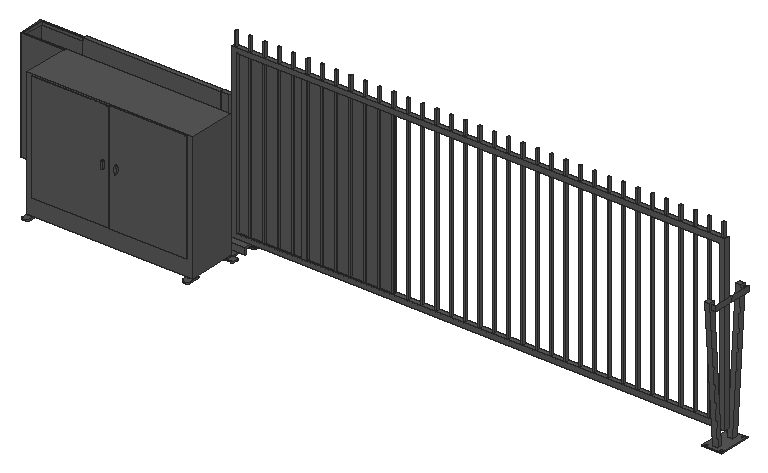
Revit family "1Construction_Fences-&-Traffic-Security_AutoGate_Buckeye-Pivot-Gates", category Specialty Equipment, Revit 2023 (continued)
Definition of nested family "Yoke"
  Dimensions and locks (in)
    Extrusion 11 sketch curve to Extrusion 11 sketch curve to plane 28 to Extrusion 11 sketch curve to Extrusion 11 sketch curve = 0.125" locked, 0.36537" locked, 0.36537" locked, 0.125" locked
    Extrusion 11 sketch curve to Extrusion 11 sketch curve to plane 28 to Extrusion 11 sketch curve to Extrusion 11 sketch curve = 0.125" locked, 0.36537" locked, 0.36537", 0.125"
    Extrusion 12 sketch curve to Extrusion 12 sketch curve to plane 28 to Extrusion 12 sketch curve to Extrusion 12 sketch curve = 0.125" locked, 0.36537" locked, 0.36537" locked, 0.125" locked  (x2)
    Extrusion 12 sketch curve to plane 28 to Extrusion 12 sketch curve = 0.13514" locked, 0.13406" locked
    "Void D": plane 3 "Center (Left/Right)" to plane 31
    Extrusion 13 sketch curve to Extrusion 13 sketch curve to plane 1 "Center (Front/Back)" to Extrusion 13 sketch curve to Extrusion 13 sketch curve = 0.000" locked, 0.49956" locked, 0.50044" locked, 0.000" locked
    plane 15 to Extrusion 13 sketch curve to Extrusion 13 sketch curve = 0.500" locked, 1.000" locked
    plane 9 to Extrusion 13 sketch curve to Extrusion 13 sketch curve = 0.500" locked, 1.000" locked
    Extrusion 14 sketch curve to Extrusion 14 sketch curve to plane 1 "Center (Front/Back)" to Extrusion 14 sketch curve to Extrusion 14 sketch curve = 1.99513" locked, 6.73765" locked, 6.73765" locked, 1.99513" locked
    Extrusion 14 sketch curve to Extrusion 14 sketch curve to plane 1 "Center (Front/Back)" to Extrusion 14 sketch curve to Extrusion 14 sketch curve = 1.99513" locked, 3.28603" locked, 3.28603" locked, 1.99513" locked
    Extrusion 14 sketch curve to Extrusion 14 sketch curve to Extrusion 14 sketch curve to Extrusion 14 sketch curve to Extrusion 14 sketch curve to Extrusion 14 sketch curve to plane 2 = 0.000" locked, 49.22094" locked, 0.000" locked, 0.13951" locked, 0.000" locked, 5.00003" locked
    locked: plane 7 to plane 32 at 6
    locked: plane 32 to plane 33 at 2
    plane 3 "Center (Left/Right)" to Extrusion 17 sketch curve to Extrusion 17 sketch curve to Extrusion 17 sketch curve to Extrusion 17 sketch curve to Extrusion 17 sketch curve to Extrusion 17 sketch curve = 2.000" locked, 0.375" locked, 0.000" locked, 1.250" locked, 0.000" locked, 0.375" locked
    Extrusion 17 sketch curve to Extrusion 17 sketch curve to Extrusion 17 sketch curve to plane 1 "Center (Front/Back)" to Extrusion 17 sketch curve to Extrusion 17 sketch curve to Extrusion 17 sketch curve = 0.375" locked, 0.000" locked, 1.62246" locked, 1.62246" locked, 0.000" locked, 0.375" locked
    Extrusion 18 sketch curve to plane 1 "Center (Front/Back)" to Extrusion 18 sketch curve = 6.500" locked, 6.500" locked
    Extrusion 19 sketch curve to Extrusion 19 sketch curve to plane 1 "Center (Front/Back)" to Extrusion 19 sketch curve to Extrusion 19 sketch curve = 2.250" locked, 2.000" locked, 2.000" locked, 2.250" locked
    Extrusion 19 sketch curve to Extrusion 19 sketch curve to Extrusion 19 sketch curve to Extrusion 19 sketch curve to plane 6 = 0.000" locked, 2.250" locked, 0.000" locked, 2.000" locked
    locked: plane 3 "Center (Left/Right)" to plane 34 at 2.875
    locked: plane 34 to plane 35 at 0.25
    locked: plane 36 to plane 37 at 0.25
    "Void DA5": plane 36 to plane 2
    plane 3 "Center (Left/Right)" to Extrusion 20 sketch curve to Extrusion 20 sketch curve to Extrusion 20 sketch curve to Extrusion 20 sketch curve = 0.000" locked, 3.000" locked, 0.000" locked, 3.000" locked
    Extrusion 20 sketch curve to plane 1 "Center (Front/Back)" to Extrusion 20 sketch curve = 5.500" locked, 5.500" locked
    "Bottom Plate Offset": plane 38 to plane 3 "Center (Left/Right)"
    locked: plane 38 to cut or joined group of Extrusion 18, Extrusion 20, Extrusion 21 at 8
    Extrusion 21 sketch curve to Extrusion 21 sketch curve to plane 1 "Center (Front/Back)" to Extrusion 21 sketch curve to Extrusion 21 sketch curve = 0.000" locked, 5.500" locked, 5.500" locked, 0.000" locked
    plane 38 to Extrusion 21 sketch curve to Extrusion 21 sketch curve to Extrusion 21 sketch curve to Extrusion 21 sketch curve = 1.000" locked, 0.000" locked, 6.000" locked, 0.000" locked
    locked: plane 39 to plane 40 at 0.25
    "Void E_F_G": plane 39 to plane 2
    locked: plane 16 to plane 1 "Center (Front/Back)" at 5.25
    "Top Br Offset B_F": plane 1 "Center (Front/Back)" to plane 17
    plane 1 "Center (Front/Back)" to Extrusion 22 sketch curve to Extrusion 22 sketch curve = 4.00044" locked, 2.000" locked
    plane 1 "Center (Front/Back)" to Extrusion 23 sketch curve to Extrusion 23 sketch curve = 4.00044" locked, 2.000" locked
    "Void Bottom G": plane 3 "Center (Left/Right)" to plane 42
    locked: plane 42 to plane 43 at 2
    Extrusion 27 sketch curve to plane 1 "Center (Front/Back)" to Extrusion 27 sketch curve = 5.250" locked, 5.250" locked
    Extrusion 28 sketch curve to plane 1 "Center (Front/Back)" to Extrusion 28 sketch curve = 1.000" locked, 1.000" locked
    Extrusion 29 sketch curve to plane 1 "Center (Front/Back)" to Extrusion 29 sketch curve = 3.99956" locked, 4.00044" locked
    Extrusion 29 sketch curve to Extrusion 29 sketch curve to plane 44 = 0.750" locked, 6.51988" locked
    locked: Extrusion 29 to plane 43 at 0.75
    locked: plane 41 to plane 2 at 0.5
    locked: plane 2 to plane 44 at 36
    Extrusion 32 sketch curve to Extrusion 32 sketch curve to plane 1 "Center (Front/Back)" to Extrusion 32 sketch curve to Extrusion 32 sketch curve = 0.200" locked, 3.050" locked, 3.050" locked, 0.200" locked
    plane 3 "Center (Left/Right)" to Extrusion 32 sketch curve to Extrusion 32 sketch curve = 1.600" locked, 0.000" locked
    locked: plane 3 "Center (Left/Right)" to Extrusion 32 sketch curve at 0.2
    locked: plane 45 to plane 2 at 5
    equal spacing: plane 47, plane 46, plane 45
    "Fence Height": plane 47 to plane 2
    plane 46 to plane 48 to plane 49 = 8.80494" locked, 2.400" locked
    plane 51 to plane 50 to plane 46 = 2.400" locked, 8.80494" locked
    plane 38 to Extrusion 33 sketch curve to Extrusion 33 sketch curve to Extrusion 33 sketch curve = 0.200" locked, 1.400" locked, 0.000" locked
    Extrusion 33 sketch curve to Extrusion 33 sketch curve to plane 1 "Center (Front/Back)" to Extrusion 33 sketch curve to Extrusion 33 sketch curve = 0.200" locked, 3.050" locked, 3.050" locked, 0.200" locked
    plane 52 to plane 46 to plane 53 = 18.000" locked, 18.000" locked
    Sweep 34 sketch curve to plane 46 to Sweep 34 sketch curve = 12.000" locked, 12.000" locked
    plane 1 "Center (Front/Back)" to Sweep 34 sketch curve to Sweep 34 sketch curve to Sweep 34 sketch curve = 3.050" locked, 1.47916" locked, 0.000" locked
    plane 1 "Center (Front/Back)" to Sweep 34 sketch curve to Sweep 34 sketch curve to Sweep 34 sketch curve to Sweep 34 sketch curve = 3.050" locked, 0.100" locked, 0.775" locked, 0.000" locked
    Sweep 35 sketch curve to plane 46 to Sweep 35 sketch curve = 12.000" locked, 12.000" locked
    Sweep 35 sketch curve to Sweep 35 sketch curve to Sweep 35 sketch curve to plane 1 "Center (Front/Back)" = 0.000" locked, 1.47916" locked, 3.050" locked
    Sweep 35 sketch curve to Sweep 35 sketch curve to Sweep 35 sketch curve to Sweep 35 sketch curve to plane 1 "Center (Front/Back)" = 0.000" locked, 0.775" locked, 0.100" locked, 3.050" locked
    plane 3 "Center (Left/Right)" to Sweep 34 sketch curve to Sweep 34 sketch curve to Sweep 34 sketch curve to Sweep 34 sketch curve = 1.600" locked, 0.100" locked, 1.400" locked, 0.100" locked
    plane 3 "Center (Left/Right)" to Sweep 35 sketch curve to Sweep 35 sketch curve to Sweep 35 sketch curve to Sweep 35 sketch curve = 1.600" locked, 0.100" locked, 1.400" locked, 0.100" locked
    Extrusion 36 sketch curve to Extrusion 36 sketch curve to plane 1 "Center (Front/Back)" to Extrusion 36 sketch curve to Extrusion 36 sketch curve = 0.200" locked, 3.050" locked, 3.050" locked, 0.200" locked
    plane 3 "Center (Left/Right)" to Extrusion 36 sketch curve to Extrusion 36 sketch curve to Extrusion 36 sketch curve to Extrusion 36 sketch curve = 0.000" locked, 0.200" locked, 1.400" locked, 0.000" locked
    locked: plane 54 to plane 45 at 7.875
    locked: plane 47 to plane 55 at 7.875
    locked: Extrusion 36 to plane 54 at 1.6
    locked: plane 54 to Extrusion 36 at 1.6
    plane 3 "Center (Left/Right)" to Sweep 37 sketch curve to Sweep 37 sketch curve to Sweep 37 sketch curve to Sweep 37 sketch curve = 1.600" locked, 0.100" locked, 1.400" locked, 0.100" locked
    plane 1 "Center (Front/Back)" to Sweep 37 sketch curve to Sweep 37 sketch curve to Sweep 37 sketch curve to Sweep 37 sketch curve = 3.050" locked, 0.100" locked, 0.775" locked, 0.000" locked
    Sweep 37 sketch curve to Sweep 37 sketch curve to plane 54 to Sweep 37 sketch curve to Sweep 37 sketch curve = 5.100" locked, 2.775" locked, 2.775" locked, 5.100" locked
    plane 1 "Center (Front/Back)" to Sweep 37 sketch curve to Sweep 37 sketch curve to Sweep 37 sketch curve = 3.050" locked, 1.25729" locked, 0.000" locked
    Sweep 38 sketch curve to Sweep 38 sketch curve to Sweep 38 sketch curve to Sweep 38 sketch curve to plane 1 "Center (Front/Back)" = 0.000" locked, 1.25729" locked, 0.000" locked, 3.050" locked
    Sweep 38 sketch curve to Sweep 38 sketch curve to plane 54 to Sweep 38 sketch curve to Sweep 38 sketch curve = 5.100" locked, 2.775" locked, 2.775" locked, 5.100" locked
    plane 3 "Center (Left/Right)" to Sweep 38 sketch curve to Sweep 38 sketch curve to Sweep 38 sketch curve to Sweep 38 sketch curve = 1.600" locked, 0.100" locked, 1.400" locked, 0.100" locked
    Sweep 38 sketch curve to Sweep 38 sketch curve to Sweep 38 sketch curve to Sweep 38 sketch curve to plane 1 "Center (Front/Back)" = 0.000" locked, 0.775" locked, 0.100" locked, 3.050" locked
    plane 3 "Center (Left/Right)" to Extrusion 39 sketch curve to Extrusion 39 sketch curve to Extrusion 39 sketch curve to Extrusion 39 sketch curve = 0.000" locked, 0.200" locked, 1.400" locked, 0.000" locked
    Extrusion 39 sketch curve to Extrusion 39 sketch curve to plane 1 "Center (Front/Back)" to Extrusion 39 sketch curve to Extrusion 39 sketch curve = 0.200" locked, 3.050" locked, 3.050" locked, 0.200" locked
    locked: Extrusion 39 to plane 55 at 1.6
    locked: plane 55 to Extrusion 39 at 1.6
    Sweep 40 sketch curve to Sweep 40 sketch curve to plane 55 to Sweep 40 sketch curve to Sweep 40 sketch curve = 5.100" locked, 2.775" locked, 2.775" locked, 5.100" locked
    plane 1 "Center (Front/Back)" to Sweep 40 sketch curve to Sweep 40 sketch curve to Sweep 40 sketch curve = 3.050" locked, 1.25729" locked, 0.000" locked
    plane 3 "Center (Left/Right)" to Sweep 40 sketch curve to Sweep 40 sketch curve to Sweep 40 sketch curve to Sweep 40 sketch curve = 1.600" locked, 0.100" locked, 1.400" locked, 0.100" locked
    plane 1 "Center (Front/Back)" to Sweep 40 sketch curve to Sweep 40 sketch curve to Sweep 40 sketch curve to Sweep 40 sketch curve = 3.050" locked, 0.100" locked, 0.775" locked, 0.000" locked
    Sweep 41 sketch curve to Sweep 41 sketch curve to plane 55 to Sweep 41 sketch curve to Sweep 41 sketch curve = 5.100" locked, 2.775" locked, 2.775" locked, 5.100" locked
    Sweep 41 sketch curve to Sweep 41 sketch curve to Sweep 41 sketch curve to plane 1 "Center (Front/Back)" = 0.000" locked, 1.25729" locked, 3.050" locked
    plane 3 "Center (Left/Right)" to Sweep 41 sketch curve to Sweep 41 sketch curve to Sweep 41 sketch curve to Sweep 41 sketch curve = 1.600" locked, 0.100" locked, 1.400" locked, 0.100" locked
    Sweep 41 sketch curve to Sweep 41 sketch curve to Sweep 41 sketch curve to Sweep 41 sketch curve to plane 1 "Center (Front/Back)" = 0.000" locked, 0.775" locked, 0.100" locked, 3.050" locked
    plane 12 to Extrusion 4 sketch curve to Extrusion 4 sketch curve = 0.000" locked, 0.250" locked
    locked: plane 11 to Extrusion 4 sketch curve at 0.25
    locked: plane 16 to Extrusion 5 sketch curve at 0.25
    locked: plane 17 to Extrusion 5 sketch curve at 0.25
    Extrusion 30 sketch curve to Extrusion 30 sketch curve to plane 1 "Center (Front/Back)" to Extrusion 30 sketch curve to Extrusion 30 sketch curve = 0.250" locked, 6.99999" locked, 4.750" locked, 0.250" locked
    plane 3 "Center (Left/Right)" to Extrusion 30 sketch curve to Extrusion 30 sketch curve to Extrusion 30 sketch curve to Extrusion 30 sketch curve = 0.000" locked, 1.750" locked, 0.250" locked, 4.000" locked
    Extrusion 31 sketch curve to Extrusion 31 sketch curve to plane 1 "Center (Front/Back)" to Extrusion 31 sketch curve to Extrusion 31 sketch curve = 0.250" locked, 5.000" locked, 4.750" locked, 0.250" locked
    plane 3 "Center (Left/Right)" to Extrusion 31 sketch curve to Extrusion 31 sketch curve to Extrusion 31 sketch curve = 1.750" locked, 0.250" locked, 4.000" locked
    plane 17 to Extrusion 9 sketch curve to Extrusion 9 sketch curve to Extrusion 9 sketch curve = 0.250" locked, 11.99946" locked, 0.250" locked
    locked: plane 17 to Extrusion 10 sketch curve at 0.25
    locked: plane 16 to Extrusion 10 sketch curve at 0.25
    Extrusion 15 sketch curve to Extrusion 15 sketch curve to plane 32 = 0.250" locked, 1.750" locked
    Extrusion 15 sketch curve to Extrusion 15 sketch curve to plane 1 "Center (Front/Back)" to Extrusion 15 sketch curve to Extrusion 15 sketch curve = 0.250" locked, 8.000" locked, 8.000" locked, 0.250" locked
    Extrusion 16 sketch curve to Extrusion 16 sketch curve to plane 1 "Center (Front/Back)" to Extrusion 16 sketch curve to Extrusion 16 sketch curve = 0.250" locked, 5.000" locked, 5.000" locked, 0.250" locked
    Extrusion 16 sketch curve to Extrusion 16 sketch curve to plane 32 = 0.250" locked, 1.750" locked
    Extrusion 24 sketch curve to Extrusion 24 sketch curve to plane 1 "Center (Front/Back)" to Extrusion 24 sketch curve to Extrusion 24 sketch curve = 0.250" locked, 7.000" locked, 9.000" locked, 0.250" locked
    Extrusion 24 sketch curve to plane 3 "Center (Left/Right)" to Extrusion 24 sketch curve to Extrusion 24 sketch curve = 2.250" locked, 1.750" locked, 0.250" locked
    Extrusion 25 sketch curve to Extrusion 25 sketch curve to plane 1 "Center (Front/Back)" to Extrusion 25 sketch curve to Extrusion 25 sketch curve = 0.250" locked, 5.000" locked, 9.000" locked, 0.250" locked
    Extrusion 25 sketch curve to plane 3 "Center (Left/Right)" to Extrusion 25 sketch curve to Extrusion 25 sketch curve = 2.250" locked, 1.750" locked, 0.250" locked
    locked: plane 12 to Masking region 1 sketch curve at 0.25
    locked: plane 11 to Masking region 1 sketch curve at 0.25
    locked: plane 16 to Masking region 2 sketch curve at 0.25
    locked: plane 17 to Masking region 2 sketch curve at 0.25
    locked: Masking region 4 sketch curve to plane 3 "Center (Left/Right)" at 2
    plane 1 "Center (Front/Back)" to Masking region 4 sketch curve to Masking region 4 sketch curve = 3.28646" locked, 3.45162" locked
    plane 1 "Center (Front/Back)" to Masking region 3 sketch curve to Masking region 3 sketch curve = 6.73808" locked, 1.99513" locked
    locked: Masking region 5 sketch curve to plane 3 "Center (Left/Right)" at 2
    Masking region 5 sketch curve to Masking region 5 sketch curve to plane 1 "Center (Front/Back)" = 1.99513" locked, 6.73808" locked
    locked: Masking region 6 sketch curve to plane 3 "Center (Left/Right)" at 2
    Masking region 6 sketch curve to Masking region 6 sketch curve to plane 1 "Center (Front/Back)" = 3.45206" locked, 3.28603" locked
    Masking region 7 sketch curve to Masking region 7 sketch curve to plane 18 to Masking region 7 sketch curve to Masking region 7 sketch curve = 0.09375" locked, 0.27363" locked, 0.27363" locked, 0.09375" locked  (x2)
    Masking region 7 sketch curve to plane 18 to Masking region 7 sketch curve = 0.10037" locked, 0.10037" locked
    plane 17 to Masking region 8 sketch curve to Masking region 8 sketch curve to Masking region 8 sketch curve = 0.250" locked, 11.99946" locked, 0.250" locked
    locked: plane 16 to Masking region 9 sketch curve at 0.25
    locked: Masking region 10 sketch curve to plane 28 at 0.13514
    locked: plane 28 to Masking region 10 sketch curve at 0.13406
    Masking region 10 sketch curve to Masking region 10 sketch curve to plane 28 to Masking region 10 sketch curve to Masking region 10 sketch curve = 0.125" locked, 0.36537" locked, 0.36537" locked, 0.125" locked
    Masking region 10 sketch curve to Masking region 10 sketch curve to plane 28 to Masking region 10 sketch curve to Masking region 10 sketch curve = 0.125" locked, 0.36537" locked, 0.36537", 0.125"
    Masking region 11 sketch curve to plane 1 "Center (Front/Back)" to Masking region 11 sketch curve = 1.000" locked, 1.000" locked
    Masking region 12 sketch curve to Masking region 12 sketch curve to plane 1 "Center (Front/Back)" to Masking region 12 sketch curve to Masking region 12 sketch curve = 0.250" locked, 6.99999" locked, 4.750" locked, 0.250" locked
    plane 3 "Center (Left/Right)" to Masking region 12 sketch curve to Masking region 12 sketch curve to Masking region 12 sketch curve to Masking region 12 sketch curve = 0.000" locked, 1.750" locked, 0.250" locked, 4.000" locked
    Masking region 13 sketch curve to Masking region 13 sketch curve to plane 1 "Center (Front/Back)" = 0.250" locked, 5.000" locked
    locked: plane 3 "Center (Left/Right)" to Masking region 13 sketch curve at 1.75
    Masking region 14 sketch curve to Masking region 14 sketch curve to plane 32 = 0.250" locked, 1.750" locked
    Masking region 14 sketch curve to Masking region 14 sketch curve to plane 1 "Center (Front/Back)" to Masking region 14 sketch curve to Masking region 14 sketch curve = 0.250" locked, 8.000" locked, 8.000" locked, 0.250" locked
    Masking region 15 sketch curve to Masking region 15 sketch curve to plane 1 "Center (Front/Back)" to Masking region 15 sketch curve to Masking region 15 sketch curve = 1.99513" locked, 6.73765" locked, 6.73765" locked, 1.99513" locked
    Masking region 16 sketch curve to Masking region 16 sketch curve to plane 1 "Center (Front/Back)" to Masking region 16 sketch curve to Masking region 16 sketch curve = 3.45162" locked, 3.28603" locked, 3.28603" locked, 3.45162" locked
    Masking region 16 sketch curve to Masking region 16 sketch curve to Masking region 16 sketch curve to plane 1 "Center (Front/Back)" to Masking region 16 sketch curve to Masking region 16 sketch curve to Masking region 16 sketch curve = 0.375" locked, 0.000" locked, 1.62246" locked, 1.62246" locked, 0.000" locked, 0.375" locked
    Masking region 16 sketch curve to Masking region 16 sketch curve to Masking region 16 sketch curve to Masking region 16 sketch curve to Masking region 16 sketch curve to Masking region 16 sketch curve to plane 33 = 0.375" locked, 0.000" locked, 1.250" locked, 0.000" locked, 0.375" locked, 4.000" locked
    Masking region 15 sketch curve to Masking region 15 sketch curve to plane 1 "Center (Front/Back)" to Masking region 15 sketch curve to Masking region 15 sketch curve = 2.250" locked, 2.000" locked, 2.000" locked, 2.250" locked
    Masking region 15 sketch curve to Masking region 15 sketch curve to Masking region 15 sketch curve to Masking region 15 sketch curve to plane 33 = 0.000" locked, 0.250" locked, 0.000" locked, 4.875" locked
    Masking region 17 sketch curve to Masking region 17 sketch curve to plane 1 "Center (Front/Back)" to Masking region 17 sketch curve to Masking region 17 sketch curve = 0.250" locked, 7.000" locked, 9.000" locked, 0.250" locked
    Masking region 17 sketch curve to plane 3 "Center (Left/Right)" to Masking region 17 sketch curve to Masking region 17 sketch curve = 2.250" locked, 1.750" locked, 0.250" locked
    Masking region 18 sketch curve to Masking region 18 sketch curve to plane 1 "Center (Front/Back)" = 0.250" locked, 5.000" locked
    locked: plane 3 "Center (Left/Right)" to Masking region 18 sketch curve at 1.75
    plane 3 "Center (Left/Right)" to Masking region 18 sketch curve to Masking region 18 sketch curve = 1.500" locked, 0.250" locked
    plane 1 "Center (Front/Back)" to Masking region 18 sketch curve to Masking region 18 sketch curve = 4.00044" locked, 2.000" locked
    plane 3 "Center (Left/Right)" to Masking region 19 sketch curve to Masking region 19 sketch curve to Masking region 19 sketch curve to Masking region 19 sketch curve = 0.000" locked, 0.200" locked, 1.400" locked, 0.000" locked
    Masking region 19 sketch curve to Masking region 19 sketch curve to plane 1 "Center (Front/Back)" to Masking region 19 sketch curve to Masking region 19 sketch curve = 0.200" locked, 3.050" locked, 3.050" locked, 0.200" locked
    Masking region 19 sketch curve to Masking region 19 sketch curve to Masking region 19 sketch curve to Masking region 19 sketch curve to plane 1 "Center (Front/Back)" to Masking region 19 sketch curve to Masking region 19 sketch curve to Masking region 19 sketch curve to Masking region 19 sketch curve = 0.000" locked, 0.75247" locked, 0.09709" locked, 4.52916" locked, 4.52916" locked, 0.09709" locked, 0.75247" locked, 0.000" locked
    plane 3 "Center (Left/Right)" to Masking region 19 sketch curve to Masking region 19 sketch curve to Masking region 19 sketch curve to Masking region 19 sketch curve to Masking region 19 sketch curve to Masking region 19 sketch curve to Masking region 19 sketch curve to Masking region 19 sketch curve = 1.600" locked, 0.000" locked, 0.100" locked, 0.000" locked, 1.400" locked, 0.000" locked, 0.100" locked, 0.000" locked
    Masking region 20 sketch curve to Masking region 20 sketch curve to plane 1 "Center (Front/Back)" to Masking region 20 sketch curve to Masking region 20 sketch curve = 1.47916" locked, 3.050" locked, 3.050" locked, 1.47916" locked
    plane 3 "Center (Left/Right)" to Masking region 20 sketch curve to Masking region 20 sketch curve to Masking region 20 sketch curve to Masking region 20 sketch curve = 1.600" locked, 0.000" locked, 1.600" locked, 0.000" locked
    Masking region 21 sketch curve to Masking region 21 sketch curve to plane 1 "Center (Front/Back)" to Masking region 21 sketch curve to Masking region 21 sketch curve = 2.28602" locked, 1.00044" locked, 1.00044" locked, 2.28602" locked
    Masking region 21 sketch curve to Masking region 21 sketch curve to plane 3 "Center (Left/Right)" to Masking region 21 sketch curve to Masking region 21 sketch curve = 0.000" locked, 2.000" locked, 0.000" locked, 0.000" locked
    Masking region 22 sketch curve to Masking region 22 sketch curve to plane 1 "Center (Front/Back)" to Masking region 22 sketch curve to Masking region 22 sketch curve = 3.000" locked, 1.00044" locked, 1.00044" locked, 3.000" locked
    Masking region 22 sketch curve to Masking region 22 sketch curve to Masking region 22 sketch curve to Masking region 22 sketch curve to plane 3 "Center (Left/Right)" = 0.000" locked, 0.750" locked, 0.000" locked, 2.000" locked
    Masking region 24 sketch curve to plane 3 "Center (Left/Right)" to Masking region 24 sketch curve = 2.000" locked, 0.000" locked
    plane 1 "Center (Front/Back)" to Masking region 24 sketch curve to Masking region 24 sketch curve = 4.00044" locked, 2.000" locked
    Masking region 23 sketch curve to Masking region 23 sketch curve to Masking region 23 sketch curve to Masking region 23 sketch curve to Masking region 23 sketch curve to plane 3 "Center (Left/Right)" to Masking region 23 sketch curve to Masking region 23 sketch curve to Masking region 23 sketch curve to Masking region 23 sketch curve to Masking region 23 sketch curve to Masking region 23 sketch curve = 1.000" locked, 0.000" locked, 2.000" locked, 0.000" locked, 2.000" locked, 0.000" locked, 0.000" locked, 0.000" locked, 1.750" locked, 0.250" locked, 1.000" locked
    Masking region 23 sketch curve to Masking region 23 sketch curve to Masking region 23 sketch curve to Masking region 23 sketch curve to Masking region 23 sketch curve to plane 1 "Center (Front/Back)" to Masking region 23 sketch curve to Masking region 23 sketch curve to Masking region 23 sketch curve to Masking region 23 sketch curve to Masking region 23 sketch curve to Masking region 23 sketch curve = 0.000" locked, 0.000" locked, 1.000" locked, 2.21397" locked, 3.28603" locked, 4.00044" locked, 0.88056" locked, 0.250" locked, 0.369" locked, 0.50044" locked, 0.49956" locked
    Masking region 23 sketch curve to Masking region 23 sketch curve to Masking region 23 sketch curve to Masking region 23 sketch curve to Masking region 23 sketch curve to plane 1 "Center (Front/Back)" = 0.0861" locked, 0.3199" locked, 0.3199" locked, 0.0861" locked, 5.094" locked
    locked: plane 3 "Center (Left/Right)" to Masking region 23 sketch curve at 2
    plane 3 "Center (Left/Right)" to Masking region 23 sketch curve to Masking region 23 sketch curve = 1.83066" locked, 0.16934" locked
    locked: plane 1 "Center (Front/Back)" to Masking region 23 sketch curve at 5.5
    Masking region 23 sketch curve to plane 1 "Center (Front/Back)" to Masking region 23 sketch curve = 1.000" locked, 1.000" locked
    locked: plane 3 "Center (Left/Right)" to Masking region 23 sketch curve
    locked: Masking region 23 sketch curve to plane 3 "Center (Left/Right)" at 5
    plane 1 "Center (Front/Back)" to Masking region 25 sketch curve to Masking region 25 sketch curve to Masking region 25 sketch curve to Masking region 25 sketch curve to Masking region 25 sketch curve to Masking region 25 sketch curve to Masking region 25 sketch curve to Masking region 25 sketch curve to Masking region 25 sketch curve to Masking region 25 sketch curve = 3.28646" locked, 1.71354" locked, 0.094" locked, 0.156" locked, 0.250" locked, 0.3199" locked, 0.0861" locked, 0.594" locked, 0.000" locked, 0.000" locked
    Masking region 25 sketch curve to Masking region 25 sketch curve to Masking region 25 sketch curve to Masking region 25 sketch curve to Masking region 25 sketch curve to Masking region 25 sketch curve to Masking region 25 sketch curve to Masking region 25 sketch curve to Masking region 25 sketch curve to plane 1 "Center (Front/Back)" = 0.000" locked, 0.000" locked, 0.594" locked, 0.406" locked, 0.250" locked, 0.156" locked, 0.094" locked, 1.71397" locked, 3.28603" locked
    Masking region 25 sketch curve to Masking region 25 sketch curve to Masking region 25 sketch curve to Masking region 25 sketch curve to Masking region 25 sketch curve to plane 3 "Center (Left/Right)" to Masking region 25 sketch curve to Masking region 25 sketch curve to Masking region 25 sketch curve to Masking region 25 sketch curve to Masking region 25 sketch curve to Masking region 25 sketch curve to Masking region 25 sketch curve to Masking region 25 sketch curve to Masking region 25 sketch curve to Masking region 25 sketch curve to Masking region 25 sketch curve to Masking region 25 sketch curve to Masking region 25 sketch curve to Masking region 25 sketch curve = 1.000" locked, 0.000" locked, 2.000" locked, 0.000" locked, 2.000" locked, 0.000" locked, 0.000" locked, 0.000" locked, 1.6801" locked, 0.000" locked, 0.0699" locked, 0.000" locked, 0.000" locked, 0.250" locked, 0.000" locked, 0.000" locked, 0.000" locked, 0.000" locked, 1.000" locked
    plane 1 "Center (Front/Back)" to Masking region 26 sketch curve to Masking region 26 sketch curve to Masking region 26 sketch curve to Masking region 26 sketch curve to Masking region 26 sketch curve to Masking region 26 sketch curve to Masking region 26 sketch curve to Masking region 26 sketch curve to Masking region 26 sketch curve to Masking region 26 sketch curve to Masking region 26 sketch curve to Masking region 26 sketch curve to Masking region 26 sketch curve to Masking region 26 sketch curve to Masking region 26 sketch curve to Masking region 26 sketch curve to Masking region 26 sketch curve to Masking region 26 sketch curve to Masking region 26 sketch curve = 0.000" locked, 0.000" locked, 1.62246" locked, 0.000" locked, 0.000" locked, 0.000" locked, 0.375" locked, 0.000" locked, 1.289" locked, 0.000" locked, 0.96354" locked, 0.750" locked, 0.000" locked, 0.250" locked, 0.000" locked, 0.250" locked, 1.000" locked, 0.000" locked, 0.000" locked
    Masking region 26 sketch curve to Masking region 26 sketch curve to Masking region 26 sketch curve to Masking region 26 sketch curve to Masking region 26 sketch curve to Masking region 26 sketch curve to Masking region 26 sketch curve to Masking region 26 sketch curve to Masking region 26 sketch curve to Masking region 26 sketch curve to Masking region 26 sketch curve to Masking region 26 sketch curve to Masking region 26 sketch curve to Masking region 26 sketch curve to Masking region 26 sketch curve to Masking region 26 sketch curve to Masking region 26 sketch curve to plane 1 "Center (Front/Back)" = 0.000" locked, 0.000" locked, 1.000" locked, 0.250" locked, 0.000" locked, 0.250" locked, 0.000" locked, 0.750" locked, 0.96397" locked, 0.000" locked, 1.28857" locked, 0.000" locked, 0.375" locked, 0.000" locked, 0.000" locked, 0.000" locked, 1.62246" locked
    Masking region 26 sketch curve to plane 3 "Center (Left/Right)" to Masking region 26 sketch curve to Masking region 26 sketch curve to Masking region 26 sketch curve to Masking region 26 sketch curve to Masking region 26 sketch curve to Masking region 26 sketch curve to Masking region 26 sketch curve to Masking region 26 sketch curve to Masking region 26 sketch curve to Masking region 26 sketch curve to Masking region 26 sketch curve to Masking region 26 sketch curve to Masking region 26 sketch curve to Masking region 26 sketch curve to Masking region 26 sketch curve to Masking region 26 sketch curve to Masking region 26 sketch curve to Masking region 26 sketch curve to Masking region 26 sketch curve to Masking region 26 sketch curve to Masking region 26 sketch curve to Masking region 26 sketch curve to Masking region 26 sketch curve to Masking region 26 sketch curve to Masking region 26 sketch curve to Masking region 26 sketch curve to Masking region 26 sketch curve to Masking region 26 sketch curve to Masking region 26 sketch curve to Masking region 26 sketch curve to Masking region 26 sketch curve to Masking region 26 sketch curve = 1.000" locked, 0.000" locked, 0.000" locked, 0.000" locked, 0.000" locked, 0.000" locked, 1.750" locked, 0.000" locked, 0.000" locked, 0.250" locked, 0.000" locked, 0.375" locked, 0.000" locked, 0.000" locked, 0.000" locked, 0.500" locked, 0.000" locked, 0.125" locked, 0.000" locked, 0.125" locked, 0.000" locked, 0.500" locked, 0.000" locked, 0.000" locked, 0.000" locked, 0.375" locked, 0.000" locked, 2.000" locked, 0.000" locked, 0.000" locked, 0.000" locked, 0.000" locked, 1.000" locked
    locked: plane 3 "Center (Left/Right)" to Masking region 26 sketch curve at 4.25  (x3)
    plane 3 "Center (Left/Right)" to Masking region 27 sketch curve to Masking region 27 sketch curve to Masking region 27 sketch curve to Masking region 27 sketch curve = 4.250" locked, 0.000" locked, 1.750" locked, 0.000" locked
    Masking region 27 sketch curve to Masking region 27 sketch curve to plane 1 "Center (Front/Back)" to Masking region 27 sketch curve to Masking region 27 sketch curve = 0.250" locked, 5.000" locked, 5.000" locked, 0.250" locked
    Masking region 26 sketch curve to plane 1 "Center (Front/Back)" to Masking region 26 sketch curve = 1.000" locked, 1.000" locked
    locked: Masking region 26 sketch curve to plane 3 "Center (Left/Right)" at 1
    Masking region 25 sketch curve to plane 1 "Center (Front/Back)" to Masking region 25 sketch curve = 1.000" locked, 1.000" locked
    Masking region 25 sketch curve to plane 3 "Center (Left/Right)" to Masking region 25 sketch curve = 5.000" locked, 0.000" locked
    "Halfback Dia": diameter of Extrusion 6 sketch curve  (x2)
    "Halfback Out Dia": diameter of Extrusion 6 sketch curve  (x2)
    "Halfback Dia": diameter of Extrusion 7 sketch curve  (x2)
    "Halfback Out Dia": diameter of Extrusion 7 sketch curve  (x2)
    "Halfback Dia": diameter of Extrusion 11 sketch curve  (x2)
    "Halfback Out Dia": diameter of Extrusion 11 sketch curve  (x2)
    "Halfback Dia": diameter of Extrusion 12 sketch curve  (x2)
    "Halfback Out Dia": diameter of Extrusion 12 sketch curve  (x2)
    "Halfback Dia": diameter of Masking region 7 sketch curve  (x2)
    "Halfback Out Dia": diameter of Masking region 7 sketch curve  (x2)
    "Halfback Dia": diameter of Masking region 10 sketch curve  (x2)
    "Halfback Out Dia": diameter of Masking region 10 sketch curve  (x2)
    locked: plane 1 "Center (Front/Back)" to Extrusion 1 sketch curve (angle 4.00°)  (x2)
    aligned and locked: plane 2 to level
    aligned and locked: plane 4 to Extrusion 1 sketch curve
    aligned and locked: Extrusion 1 to plane 5
    aligned and locked: plane 3 "Center (Left/Right)" to Extrusion 1
    aligned and locked: plane 3 "Center (Left/Right)" to Extrusion 2
    aligned and locked: Extrusion 2 to plane 5
    aligned and locked: plane 4 to Extrusion 2 sketch curve
    aligned and locked: Extrusion 3 sketch curve to plane 2
    aligned and locked: Extrusion 3 to plane 7
    aligned and locked: Extrusion 3 to plane 8
    aligned and locked: Extrusion 4 sketch curve to plane 3 "Center (Left/Right)"
    aligned and locked: plane 3 "Center (Left/Right)" to Extrusion 4 sketch curve
    aligned and locked: plane 13 to Extrusion 4 sketch curve
    aligned and locked: plane 11 to Extrusion 4 sketch curve
    aligned and locked: plane 9 to Extrusion 4
    aligned and locked: Extrusion 4 to plane 10
    aligned and locked: Extrusion 5 to plane 14
    aligned and locked: plane 15 to Extrusion 5
    aligned and locked: plane 3 "Center (Left/Right)" to Extrusion 5 sketch curve
    aligned and locked: Extrusion 5 sketch curve to plane 3 "Center (Left/Right)"
    aligned and locked: plane 17 to Extrusion 5 sketch curve
    aligned and locked: plane 16 to Extrusion 5 sketch curve
    aligned and locked: plane 13 to Extrusion 5 sketch curve
    aligned and locked: plane 6 to Extrusion 2 sketch curve
    aligned and locked: Extrusion 6 sketch curve to plane 19  (x2)
    aligned and locked: Extrusion 6 sketch curve to plane 20  (x2)
    aligned and locked: plane 1 "Center (Front/Back)" to Extrusion 6 sketch curve  (x2)
    aligned and locked: plane 21 to Extrusion 6
    aligned and locked: Extrusion 6 to plane 22
    aligned and locked: Extrusion 7 to plane 24
    aligned and locked: plane 23 to Extrusion 7
    aligned and locked: Extrusion 7 sketch curve to plane 19  (x2)
    aligned and locked: Extrusion 7 sketch curve to plane 20  (x2)
    aligned and locked: plane 25 to Extrusion 1 sketch curve
    aligned and locked: plane 13 to Extrusion 9 sketch curve
    aligned and locked: plane 3 "Center (Left/Right)" to Extrusion 9 sketch curve
    aligned and locked: Extrusion 9 sketch curve to plane 3 "Center (Left/Right)"
    aligned and locked: Extrusion 9 sketch curve to plane 27
    aligned and locked: plane 9 to Extrusion 9
    aligned and locked: Extrusion 9 to plane 10
    aligned and locked: Extrusion 10 to plane 14
    aligned and locked: plane 15 to Extrusion 10
    aligned and locked: plane 13 to Extrusion 10 sketch curve
    aligned and locked: Extrusion 10 sketch curve to plane 27
    aligned and locked: Extrusion 10 sketch curve to plane 3 "Center (Left/Right)"
    aligned and locked: plane 3 "Center (Left/Right)" to Extrusion 10 sketch curve
    aligned and locked: plane 17 to Extrusion 10 sketch curve
    aligned and locked: plane 16 to Extrusion 10 sketch curve
    aligned and locked: plane 17 to Extrusion 9 sketch curve
    aligned and locked: plane 30 to Extrusion 11 sketch curve
    aligned and locked: plane 29 to Extrusion 11 sketch curve
    aligned and locked: plane 21 to Extrusion 11
    aligned and locked: Extrusion 11 to plane 22
    aligned and locked: plane 29 to Extrusion 12 sketch curve
    aligned and locked: Extrusion 12 sketch curve to plane 29
    aligned and locked: Extrusion 12 sketch curve to plane 30
    aligned and locked: plane 30 to Extrusion 12 sketch curve
    aligned and locked: plane 23 to Extrusion 12
    aligned and locked: Extrusion 12 to plane 24
    aligned and locked: plane 31 to Extrusion 13
    aligned and locked: Extrusion 13 to plane 3 "Center (Left/Right)"
    aligned and locked: Extrusion 8 to plane 14
    aligned and locked: plane 4 to Extrusion 14 sketch curve  (x2)
    aligned and locked: Extrusion 14 to plane 32
    aligned and locked: plane 33 to Extrusion 14
    aligned and locked: Extrusion 15 sketch curve to plane 32
    aligned and locked: plane 32 to Extrusion 15 sketch curve
    aligned and locked: Extrusion 16 sketch curve to plane 32
    aligned and locked: plane 32 to Extrusion 16 sketch curve
    aligned and locked: Extrusion 15 to plane 10
    aligned and locked: plane 9 to Extrusion 15
    aligned and locked: plane 15 to Extrusion 16
    aligned and locked: Extrusion 16 to plane 14
    aligned and locked: plane 4 to Extrusion 17
    aligned and locked: Extrusion 17 to plane 6
    aligned and locked: Extrusion 18 to plane 2
    aligned and locked: plane 6 to Extrusion 18
    aligned and locked: plane 6 to Extrusion 19 sketch curve  (x2)
    aligned and locked: plane 35 to Extrusion 19
    aligned and locked: Extrusion 19 to plane 34
    aligned and locked: plane 1 "Center (Front/Back)" to Extrusion 20 sketch curve  (x2)
    aligned and locked: Extrusion 20 to plane 37
    aligned and locked: plane 36 to Extrusion 20
    aligned and locked: plane 38 to Extrusion 18 sketch curve
    aligned and locked: Extrusion 21 to plane 40
    aligned and locked: plane 39 to Extrusion 21
    aligned and locked: plane 6 to Extrusion 22 sketch curve
    aligned and locked: Extrusion 22 sketch curve to plane 4
    aligned and locked: Extrusion 22 to plane 5
    aligned and locked: plane 3 "Center (Left/Right)" to Extrusion 22
    aligned and locked: Extrusion 23 sketch curve to plane 9
    aligned and locked: plane 14 to Extrusion 23 sketch curve
    aligned and locked: plane 27 to Extrusion 23
    aligned and locked: Extrusion 23 to plane 26
    aligned and locked: plane 26 to Extrusion 23
    aligned and locked: Extrusion 24 sketch curve to plane 3 "Center (Left/Right)"
    aligned and locked: plane 9 to Extrusion 24
    aligned and locked: Extrusion 24 to plane 10
    aligned and locked: Extrusion 25 sketch curve to plane 3 "Center (Left/Right)"
    aligned and locked: plane 15 to Extrusion 25
    aligned and locked: Extrusion 25 to plane 14
    aligned and locked: plane 41 to Extrusion 26 sketch curve
    aligned and locked: Extrusion 26 sketch curve to plane 2
    aligned and locked: Extrusion 26 to plane 43
    aligned and locked: plane 42 to Extrusion 26
    aligned and locked: Extrusion 27 sketch curve to plane 41
    aligned and locked: plane 42 to Extrusion 27
    aligned and locked: Extrusion 27 to plane 43
    aligned and locked: Extrusion 28 sketch curve to plane 3 "Center (Left/Right)"
    aligned and locked: plane 43 to Extrusion 28 sketch curve
    aligned and locked: Extrusion 28 to plane 44
    aligned and locked: plane 43 to Extrusion 29
    aligned and locked: plane 9 to Extrusion 30
    aligned and locked: Extrusion 30 to plane 10
    aligned and locked: Extrusion 31 sketch curve to plane 3 "Center (Left/Right)"
    aligned and locked: plane 15 to Extrusion 31
    aligned and locked: Extrusion 31 to plane 14
    aligned and locked: plane 2 to Extrusion 28
    aligned and locked: Extrusion 27 to plane 2
    aligned and locked: Extrusion 32 sketch curve to plane 3 "Center (Left/Right)"
    aligned and locked: plane 48 to Extrusion 32
    aligned and locked: Extrusion 32 to plane 49
    aligned and locked: Extrusion 33 sketch curve to plane 38
    aligned and locked: Extrusion 33 to plane 51
    aligned and locked: plane 50 to Extrusion 33
    aligned and locked: plane 52 to Sweep 34 sketch curve
    aligned and locked: plane 53 to Sweep 34 sketch curve
    aligned and locked: plane 52 to Sweep 35 sketch curve
    aligned and locked: plane 53 to Sweep 35 sketch curve
    aligned and locked: Masking region 1 sketch curve to plane 3 "Center (Left/Right)"  (x2)
    aligned and locked: plane 13 to Masking region 1 sketch curve
    aligned and locked: Masking region 1 sketch curve to plane 27
    aligned and locked: plane 12 to Masking region 1 sketch curve
    aligned and locked: plane 11 to Masking region 1 sketch curve
    aligned and locked: plane 27 to Masking region 2 sketch curve  (x2)
    aligned and locked: plane 17 to Masking region 2 sketch curve
    aligned and locked: plane 16 to Masking region 2 sketch curve
    aligned and locked: Masking region 4 sketch curve to plane 3 "Center (Left/Right)"
    aligned and locked: Masking region 5 sketch curve to plane 3 "Center (Left/Right)"
    aligned and locked: plane 3 "Center (Left/Right)" to Masking region 6 sketch curve
    aligned and locked: plane 17 to Masking region 8 sketch curve
    aligned and locked: plane 13 to Masking region 8 sketch curve
    aligned and locked: Masking region 8 sketch curve to plane 27
    aligned and locked: plane 3 "Center (Left/Right)" to Masking region 8 sketch curve
    aligned and locked: Masking region 8 sketch curve to plane 3 "Center (Left/Right)"
    aligned and locked: plane 16 to Masking region 9 sketch curve
    aligned and locked: plane 3 "Center (Left/Right)" to Masking region 9 sketch curve
    aligned and locked: Masking region 9 sketch curve to plane 27
    aligned and locked: Masking region 11 sketch curve to plane 27
    aligned and locked: plane 26 to Masking region 11 sketch curve
    aligned and locked: Masking region 13 sketch curve to plane 3 "Center (Left/Right)"
    aligned and locked: plane 3 "Center (Left/Right)" to Masking region 3 sketch curve
    aligned and locked: Masking region 2 sketch curve to plane 3 "Center (Left/Right)"
    aligned and locked: plane 3 "Center (Left/Right)" to Masking region 2 sketch curve
    aligned and locked: Masking region 14 sketch curve to plane 32
    aligned and locked: plane 32 to Masking region 14 sketch curve
    aligned and locked: Masking region 15 sketch curve to plane 33
    aligned and locked: plane 33 to Masking region 15 sketch curve
    aligned and locked: Masking region 15 sketch curve to plane 32
    aligned and locked: plane 32 to Masking region 15 sketch curve
    aligned and locked: Masking region 16 sketch curve to plane 33
    aligned and locked: plane 32 to Masking region 16 sketch curve
    aligned and locked: Masking region 16 sketch curve to plane 32
    aligned and locked: plane 33 to Masking region 16 sketch curve
    aligned and locked: Masking region 3 sketch curve to plane 5
    aligned and locked: Masking region 17 sketch curve to plane 3 "Center (Left/Right)"
    aligned and locked: Masking region 18 sketch curve to plane 3 "Center (Left/Right)"
  Automatic sketch dimensions
    plane 1 "Center (Front/Back)" to Extrusion 4 sketch curve = 0.000"  (x2)
    plane 1 "Center (Front/Back)" to Extrusion 5 sketch curve = 0.000"  (x2)
    plane 1 "Center (Front/Back)" to Extrusion 15 sketch curve = 0.000"  (x2)
    plane 1 "Center (Front/Back)" to Extrusion 16 sketch curve = 0.000"  (x2)
    Extrusion 26 sketch curve to plane 16 = 0.000"
    Extrusion 26 sketch curve to plane 17 = 0.000"
    Extrusion 1 sketch curve to plane 6 = 0.000"
    Extrusion 8 sketch curve to plane 14 = 0.000"
    Extrusion 8 sketch curve to plane 9 = 0.000"
    Extrusion 18 sketch curve to plane 33 = 1.000"
    Extrusion 27 sketch curve to level = 0.000"
    Extrusion 4 sketch curve to plane 27 = 0.000"
    Extrusion 5 sketch curve to plane 27 = 0.000"
    plane 1 "Center (Front/Back)" to Masking region 1 sketch curve = 0.000"  (x2)
    plane 1 "Center (Front/Back)" to Masking region 14 sketch curve = 0.000"  (x2)
    Masking region 26 sketch curve to Masking region 26 sketch curve = 0.000"  (x4)
    plane 1 "Center (Front/Back)" to Masking region 26 sketch curve = 0.3125"
    Masking region 25 sketch curve to Masking region 25 sketch curve = 0.000"  (x2)
    Masking region 25 sketch curve to plane 3 "Center (Left/Right)" = 0.000"
    Extrusion 6 sketch curve to Extrusion 6 sketch curve = 0.000"  (x4)
    Extrusion 7 sketch curve to Extrusion 7 sketch curve = 0.000"  (x4)
    plane 20 to Extrusion 7 sketch curve = 0.000"
    plane 1 "Center (Front/Back)" to Extrusion 7 sketch curve = 0.000"  (x2)
    Extrusion 11 sketch curve to Extrusion 11 sketch curve = 0.000"  (x4)
    Extrusion 11 sketch curve to plane 30 = 0.000"
    Extrusion 11 sketch curve to plane 3 "Center (Left/Right)" = 0.000"  (x2)
    Extrusion 11 sketch curve to plane 29 = 0.000"
    Extrusion 12 sketch curve to Extrusion 12 sketch curve = 0.000"  (x4)
    Extrusion 12 sketch curve to plane 3 "Center (Left/Right)" = 0.000"  (x2)
    Masking region 7 sketch curve to Masking region 7 sketch curve = 0.000"  (x4)
    plane 20 to Masking region 7 sketch curve = 0.000"  (x2)
    plane 1 "Center (Front/Back)" to Masking region 7 sketch curve = 0.000"  (x2)
    Masking region 7 sketch curve to plane 19 = 0.000"  (x2)
    Masking region 10 sketch curve to Masking region 10 sketch curve = 0.000"  (x4)
    Masking region 10 sketch curve to plane 30 = 0.000"  (x2)
    Masking region 10 sketch curve to plane 3 "Center (Left/Right)" = 0.000"  (x2)
    Masking region 10 sketch curve to plane 29 = 0.000"  (x2)
    radius of Extrusion 13 sketch curve = 0.1405"  (x4)
    radius of Extrusion 20 sketch curve = 0.3125"  (x4)
    radius of Extrusion 21 sketch curve = 0.406"  (x4)
    radius of Masking region 23 sketch curve = 0.406"  (x2)
    radius of Masking region 26 sketch curve = 0.3125"  (x3)
    radius of Masking region 25 sketch curve = 0.406"  (x2)
Definition of nested family "Gate Operator"
  Parameters (values of type "Gate Operator")
    z_Std Gate Guard = if(or(Gate Height = 72.000", Gate Height < 72.000"), 1 = 1, 1 = 0)  # yes
    z_NonStd Gate Guard = not(z_Std Gate Guard)  # no
    URL = ""
    Model = ""
    Mesh Material = none
    Manufacturer = ""
    Keynote = ""
    Gate Height = 72.000"
    Gate Material = none
    Gate Guard = if(or(Gate Height = 84.000", and(Gate Height > 72.000", Gate Height < 84.000")), 17.500", if(or(Gate Height = 96.000", and(Gate Height > 84.000", Gate Height < 96.000")), 29.500", if(or(Gate Height = 108.000", and(Gate Height > 96.000", Gate Height < 108.000")), 41.500", if(Gate Height < 72.000", 12.000", 10.000"))))  # 10.000"
    Description = ""
    Default Elevation = 0.000"
    Assembly Code = ""
  Reference planes (in)
    plane 1 "Center (Front/Back)": y = 0
    plane 2 "Bottom": z = 0
    plane 3 "Center (Left/Right)": x = 0
    plane 4: y = 30.5
    plane 5: x = -67.175
    plane 6: z = 52.1875
    plane 7: x = -69.425
    plane 8: x = -77.175
    plane 9: z = 51.1875
    plane 10: z = 6.9375
    plane 11: z = 7.9375
    plane 12: z = 29.5625
    plane 13: y = 23.935
    plane 14: x = -0.095
    plane 15: y = 30.43
  Forms (in)
    Extrusion 1, solid, material <- "Gate Material", detail levels medium+fine
      sketch origin (-1, 0, -0.73179) x (1, 0, 0) y (0, 0, 1)
        loop
          line (-66.175, 1.47169) -> (1, 1.47169) -> (1, 52.91929) -> (-66.175, 52.91929) -> (-66.175, 1.47169)
      from -19.5 to 0
    Extrusion 2, solid, material <- "Gate Material", detail levels medium+fine
      sketch origin (0, 0, 0) x (1, 0, 0) y (0, 0, 1)
        loop
          line (-33.42475, 51.825) -> (-33.42475, 7.325) -> (-2.24975, 7.325) -> (-2.24975, 51.825) -> (-33.42475, 51.825)
        loop
          line (-65.00025, 51.825) -> (-65.00025, 7.325) -> (-33.82525, 7.325) -> (-33.82525, 51.825) -> (-65.00025, 51.825)
      from 0 to 0.0433
    Extrusion 3, solid, material <- "Gate Material", detail levels medium+fine
      sketch origin (0, -0.0433, 0) x (1, 0, 0) y (0, 0, 1)
        loop
          arc (-36.70311, 31.01545) -> (-36.8874, 29.64045) -> (-36.70311, 28.26545) r 5.22172
          arc (-36.70311, 28.26545) -> (-36.38789, 28.06436) -> (-36.07266, 28.26545) r 0.34761
          arc (-36.07266, 28.26545) -> (-35.89876, 29.64026) -> (-36.06967, 31.01545) r 5.56912
          arc (-36.06967, 31.01545) -> (-36.38639, 31.21555) -> (-36.70311, 31.01545) r 0.3507
        loop
          arc (-31.17967, 31.01545) -> (-31.36396, 29.64045) -> (-31.17967, 28.26545) r 5.22172
          arc (-31.17967, 28.26545) -> (-30.86445, 28.06436) -> (-30.54923, 28.26545) r 0.34761
          arc (-30.54923, 28.26545) -> (-30.37532, 29.64026) -> (-30.54623, 31.01545) r 5.56912
          arc (-30.54623, 31.01545) -> (-30.86295, 31.21555) -> (-31.17967, 31.01545) r 0.3507
      from 0 to 0.53784
    Extrusion 4, solid, material <- "Gate Material", detail levels medium+fine
      sketch origin (0, 0, 0) x (1, 0, 0) y (0, 1, 0)
        loop
          line (-67.625, 30.40005) -> (-67.625, 17.39995)
          arc (-67.625, 17.39995) -> (-67.47857, 17.04643) -> (-67.12505, 16.9) r 0.49995
          line (-67.12505, 16.9) -> (-65.125, 16.9)
          arc (-65.125, 16.9) -> (-64.77145, 17.04645) -> (-64.625, 17.4) r 0.5
          line (-64.625, 17.4) -> (-64.625, 30.4)
          arc (-64.625, 30.4) -> (-64.77145, 30.75355) -> (-65.125, 30.9) r 0.5
          line (-65.125, 30.9) -> (-67.12505, 30.9)
          arc (-67.12505, 30.9) -> (-67.47857, 30.75357) -> (-67.625, 30.40005) r 0.49995
        loop
          line (-66.625, -2.6) -> (-65.625, -2.6)
          arc (-65.625, -2.6) -> (-64.91789, -2.30711) -> (-64.625, -1.6) r 1
          line (-64.625, -1.6) -> (-64.625, 2.4)
          arc (-64.625, 2.4) -> (-64.77145, 2.75355) -> (-65.125, 2.9) r 0.5
          line (-65.125, 2.9) -> (-67.125, 2.9)
          arc (-67.125, 2.9) -> (-67.47855, 2.75355) -> (-67.625, 2.4) r 0.5
          line (-67.625, 2.4) -> (-67.625, -1.6)
          arc (-67.625, -1.6) -> (-67.33211, -2.30711) -> (-66.625, -2.6) r 1
        loop
          line (-2.625, 30.40005) -> (-2.625, 17.39995)
          arc (-2.625, 17.39995) -> (-2.47857, 17.04643) -> (-2.12505, 16.9) r 0.49995
          line (-2.12505, 16.9) -> (1.875, 16.9)
          arc (1.875, 16.9) -> (2.58211, 17.19289) -> (2.875, 17.9) r 1
          line (2.875, 17.9) -> (2.875, 18.9)
          arc (2.875, 18.9) -> (2.58211, 19.60711) -> (1.875, 19.9) r 1
          line (1.875, 19.9) -> (0.5, 19.9)
          arc (0.5, 19.9) -> (0.41161, 19.93661) -> (0.375, 20.025) r 0.125
          line (0.375, 20.025) -> (0.375, 27.775)
          arc (0.375, 27.775) -> (0.41161, 27.86339) -> (0.5, 27.9) r 0.125
          line (0.5, 27.9) -> (1.875, 27.9)
          arc (1.875, 27.9) -> (2.58211, 28.19289) -> (2.875, 28.9) r 1
          line (2.875, 28.9) -> (2.875, 29.9)
          arc (2.875, 29.9) -> (2.58211, 30.60711) -> (1.875, 30.9) r 1
          line (1.875, 30.9) -> (-2.12505, 30.9)
          arc (-2.12505, 30.9) -> (-2.47857, 30.75357) -> (-2.625, 30.40005) r 0.49995
        loop
          line (-1.625, -2.6) -> (-0.625, -2.6)
          arc (-0.625, -2.6) -> (0.08211, -2.30711) -> (0.375, -1.6) r 1
          line (0.375, -1.6) -> (0.375, 2.4)
          arc (0.375, 2.4) -> (0.22855, 2.75355) -> (-0.125, 2.9) r 0.5
          line (-0.125, 2.9) -> (-2.125, 2.9)
          arc (-2.125, 2.9) -> (-2.47855, 2.75355) -> (-2.625, 2.4) r 0.5
          line (-2.625, 2.4) -> (-2.625, -1.6)
          arc (-2.625, -1.6) -> (-2.33211, -2.30711) -> (-1.625, -2.6) r 1
      from 0 to 0.375
    Extrusion 5, solid, material <- "Gate Material", detail levels medium+fine
      sketch origin (0, 0, 0) x (1, 0, 0) y (0, 1, 0)
        loop
          line (-0.22, 2.43) -> (-2.03, 2.43)
          arc (-2.03, 2.43) -> (-2.11839, 2.39339) -> (-2.155, 2.305) r 0.125
          line (-2.155, 2.305) -> (-2.155, 0.495)
          arc (-2.155, 0.495) -> (-2.11839, 0.40661) -> (-2.03, 0.37) r 0.125
          line (-2.03, 0.37) -> (-0.22, 0.37)
          arc (-0.22, 0.37) -> (-0.13161, 0.40661) -> (-0.095, 0.495) r 0.125
          line (-0.095, 0.495) -> (-0.095, 2.305)
          arc (-0.095, 2.305) -> (-0.13161, 2.39339) -> (-0.22, 2.43) r 0.125
        loop
          line (-65.19, 2.43) -> (-67, 2.43)
          arc (-67, 2.43) -> (-67.08839, 2.39339) -> (-67.125, 2.305) r 0.125
          line (-67.125, 2.305) -> (-67.125, 0.495)
          arc (-67.125, 0.495) -> (-67.08839, 0.40661) -> (-67, 0.37) r 0.125
          line (-67, 0.37) -> (-65.19, 0.37)
          arc (-65.19, 0.37) -> (-65.10161, 0.40661) -> (-65.065, 0.495) r 0.125
          line (-65.065, 0.495) -> (-65.065, 2.305)
          arc (-65.065, 2.305) -> (-65.10161, 2.39339) -> (-65.19, 2.43) r 0.125
        loop
          line (-65.19, 19.43) -> (-67, 19.43)
          arc (-67, 19.43) -> (-67.08839, 19.39339) -> (-67.125, 19.305) r 0.125
          line (-67.125, 19.305) -> (-67.125, 17.495)
          arc (-67.125, 17.495) -> (-67.08839, 17.40661) -> (-67, 17.37) r 0.125
          line (-67, 17.37) -> (-65.19, 17.37)
          arc (-65.19, 17.37) -> (-65.10161, 17.40661) -> (-65.065, 17.495) r 0.125
          line (-65.065, 17.495) -> (-65.065, 19.305)
          arc (-65.065, 19.305) -> (-65.10161, 19.39339) -> (-65.19, 19.43) r 0.125
        loop
          line (-0.22, 19.43) -> (-2.03, 19.43)
          arc (-2.03, 19.43) -> (-2.11839, 19.39339) -> (-2.155, 19.305) r 0.125
          line (-2.155, 19.305) -> (-2.155, 17.495)
          arc (-2.155, 17.495) -> (-2.11839, 17.40661) -> (-2.03, 17.37) r 0.125
          line (-2.03, 17.37) -> (-0.22, 17.37)
          arc (-0.22, 17.37) -> (-0.13161, 17.40661) -> (-0.095, 17.495) r 0.125
          line (-0.095, 17.495) -> (-0.095, 19.305)
          arc (-0.095, 19.305) -> (-0.13161, 19.39339) -> (-0.22, 19.43) r 0.125
      from 0.375 to 0.73989
    Extrusion 6, solid, material <- "Gate Material", detail levels medium+fine
      sketch origin (0, 0, 0) x (1, 0, 0) y (0, 1, 0)
        loop
          line (-67.155, 30.43) -> (-67.155, 28.37) -> (-0.095, 28.37) -> (-0.095, 30.43) -> (-67.155, 30.43)
      from 6.9375 to 52.1875
    Extrusion 7, solid, material <- "Gate Material", detail levels medium+fine
      sketch origin (0, 0, 0) x (1, 0, 0) y (0, 1, 0)
        loop
          line (-2.155, 30.43) -> (-2.155, 28.37) -> (-0.095, 28.37) -> (-0.095, 30.43) -> (-2.155, 30.43)
        loop
          line (-67.155, 30.43) -> (-67.155, 28.37) -> (-65.095, 28.37) -> (-65.095, 30.43) -> (-67.155, 30.43)
      from 0 to 6.9375
    Extrusion 8, solid, material <- "Gate Material", detail levels medium+fine
      sketch origin (0, 0, 0) x (0, 1, 0) y (0, 0, 1)
        loop
          arc (26.5575, 2.02161) -> (26.65441, 1.82397) -> (26.87, 1.77955) r 0.25
          line (26.87, 1.77955) -> (26.87, 4.27161) -> (20.87, 4.27161) -> (20.87, 1.77955)
          arc (20.87, 1.77955) -> (21.08559, 1.82397) -> (21.1825, 2.02161) r 0.25
          line (21.1825, 2.02161) -> (21.1825, 3.70911)
          arc (21.1825, 3.70911) -> (21.25572, 3.88589) -> (21.4325, 3.95911) r 0.25
          line (21.4325, 3.95911) -> (26.3075, 3.95911)
          arc (26.3075, 3.95911) -> (26.48428, 3.88589) -> (26.5575, 3.70911) r 0.25
          line (26.5575, 3.70911) -> (26.5575, 2.02161)
      from -7 to 4.5
    Extrusion 9, solid, material <- "Gate Material", detail levels medium+fine
      sketch origin (0, 0, 0) x (1, 0, 0) y (0, 1, 0)
        loop
          line (-3.5, 24.87) -> (-6.5, 24.87)
          arc (-6.5, 24.87) -> (-6.85355, 24.72355) -> (-7, 24.37) r 0.5
          line (-7, 24.37) -> (-7, 23.37)
          arc (-7, 23.37) -> (-6.85355, 23.01645) -> (-6.5, 22.87) r 0.5
          line (-6.5, 22.87) -> (-3.5, 22.87)
          arc (-3.5, 22.87) -> (-3.14645, 23.01645) -> (-3, 23.37) r 0.5
          line (-3, 23.37) -> (-3, 24.37)
          arc (-3, 24.37) -> (-3.14645, 24.72355) -> (-3.5, 24.87) r 0.5
      from 4.27161 to 56.27161
    Extrusion 10, solid, material <- "Gate Material", detail levels coarse
      sketch origin (0, 0, 0) x (1, 0, 0) y (0, 1, 0)
        loop
          line (-67.155, 30.43) -> (-67.155, 0) -> (0, 0) -> (0, 30.43) -> (-67.155, 30.43)
      from 0 to 52.1875
    Extrusion 11, solid, material <- "Gate Material", visible <- "z_Std Gate Guard"
      sketch origin (0, 0, 0) x (1, 0, 0) y (0, 1, 0)
        loop
          line (-67.225, 28.29676) -> (-69.46845, 28.29676) -> (-69.46845, 19.19676) -> (-67.225, 19.19676) -> (-67.225, 17.41641) -> (-67.175, 17.41641) -> (-67.175, 19.24676) -> (-69.41845, 19.24676) -> (-69.41845, 28.24676) -> (-67.175, 28.24676) -> (-67.175, 30.07712) -> (-67.225, 30.07712) -> (-67.225, 28.29676)
      from 4.9375 to 52.1875
    Extrusion 12, solid, material <- "Gate Material", visible <- "z_NonStd Gate Guard", detail levels medium+fine
      sketch origin (0, 0, 0) x (1, 0, 0) y (0, 1, 0)
        loop
          line (-67.175, 18.75) -> (-67.175, 19.5) -> (-76.425, 19.5) -> (-76.425, 28.37) -> (-67.175, 28.37) -> (-67.175, 29.12) -> (-77.175, 29.12) -> (-77.175, 18.75) -> (-67.175, 18.75)
      from 51.1875 to 52.1875
    Extrusion 13, solid, material <- "Mesh Material", visible <- "z_NonStd Gate Guard", detail levels medium+fine
      sketch origin (0, 0, 0) x (1, 0, 0) y (0, 1, 0)
        loop
          line (-67.175, 29.22) -> (-77.3, 29.22) -> (-77.3, 18.65) -> (-67.175, 18.65) -> (-67.175, 18.75) -> (-70.625, 18.75) -> (-77.175, 18.75) -> (-77.175, 29.12) -> (-67.175, 29.12) -> (-67.175, 29.22)
      from 6.9375 to 52.1875
    Extrusion 14, solid, material <- "Gate Material", visible <- "z_NonStd Gate Guard", detail levels coarse
      sketch origin (0, 0, 0) x (1, 0, 0) y (0, 1, 0)
        loop
          line (-67.175, 29.12) -> (-77.175, 29.12) -> (-77.175, 18.75) -> (-67.175, 18.75) -> (-67.175, 29.12)
      from 6.9375 to 52.1875
    Extrusion 15, solid, material <- "Gate Material", visible <- "z_NonStd Gate Guard", detail levels medium+fine
      sketch origin (0, 0, 0) x (1, 0, 0) y (0, 1, 0)
        loop
          line (-67.175, 18.75) -> (-67.175, 19.5) -> (-76.425, 19.5) -> (-76.425, 28.37) -> (-67.175, 28.37) -> (-67.175, 29.12) -> (-77.175, 29.12) -> (-77.175, 18.75) -> (-67.175, 18.75)
      from 6.9375 to 7.9375
    Extrusion 16, solid, material <- "Gate Material", visible <- "z_NonStd Gate Guard", detail levels medium+fine
      sketch origin (0, 0, 0) x (1, 0, 0) y (0, 1, 0)
        loop
          line (-67.175, 18.75) -> (-67.175, 19.5) -> (-76.425, 19.5) -> (-76.425, 28.37) -> (-67.175, 28.37) -> (-67.175, 29.12) -> (-77.175, 29.12) -> (-77.175, 18.75) -> (-67.175, 18.75)
      from 29.0625 to 30.0625
  Cuts and joins
    joined: Extrusion 6, Extrusion 7
    joined: Extrusion 8, Extrusion 9
  Lines and regions (in)
    Masking region 1, detail levels medium+fine
      outline origin (0, 0, 0) x (1, 0, 0) y (0, 1, 0)
        loop
          line (-67.155, 28.37) -> (-0.095, 28.37) -> (-0.095, 30.43) -> (-67.155, 30.43) -> (-67.155, 28.37)
        loop
          line (4.5, 26.87) -> (-7, 26.87) -> (-7, 20.87) -> (4.5, 20.87) -> (4.5, 26.87)
        loop
          line (0, 19.5) -> (-67.175, 19.5) -> (-67.175, 0) -> (0, 0) -> (0, 19.5)
        loop
          line (-36.8874, -0.0433) -> (-36.8874, -0.58114) -> (-35.89875, -0.58114) -> (-35.89875, -0.0433) -> (-36.8874, -0.0433)
        loop
          line (-31.36396, -0.0433) -> (-31.36396, -0.58114) -> (-30.37532, -0.58114) -> (-30.37532, -0.0433) -> (-31.36396, -0.0433)
    Masking region 2, detail levels medium+fine
      outline origin (0, 0, 0) x (1, 0, 0) y (0, 1, 0)
        loop
          line (-67.625, 30.40005) -> (-67.625, 17.39995)
          arc (-67.625, 17.39995) -> (-67.49581, 17.06455) -> (-67.175, 16.9025) r 0.49995
          line (-67.175, 16.9025) -> (-67.175, 19.5) -> (-64.625, 19.5) -> (-64.625, 28.37) -> (-67.12505, 28.37) -> (-67.12505, 30.40005) -> (-64.625, 30.40005)
          arc (-64.625, 30.40005) -> (-64.77147, 30.75357) -> (-65.125, 30.9) r 0.5
          line (-65.125, 30.9) -> (-67.12505, 30.9)
          arc (-67.12505, 30.9) -> (-67.47857, 30.75357) -> (-67.625, 30.40005) r 0.49995
        loop
          line (1.875, 30.9) -> (-2.12505, 30.9)
          arc (-2.12505, 30.9) -> (-2.46782, 30.764) -> (-2.6241, 30.43) r 0.49995
          line (-2.6241, 30.43) -> (-0.095, 30.43) -> (-0.095, 28.37) -> (-2.625, 28.37) -> (-2.625, 26.87) -> (0.375, 26.87) -> (0.375, 27.775)
          arc (0.375, 27.775) -> (0.41161, 27.86339) -> (0.5, 27.9) r 0.125
          line (0.5, 27.9) -> (1.875, 27.9)
          arc (1.875, 27.9) -> (2.58211, 28.19289) -> (2.875, 28.9) r 1
          line (2.875, 28.9) -> (2.875, 29.9)
          arc (2.875, 29.9) -> (2.58211, 30.60711) -> (1.875, 30.9) r 1
        loop
          line (2.875, 17.9) -> (2.875, 18.9)
          arc (2.875, 18.9) -> (2.58211, 19.60711) -> (1.875, 19.9) r 1
          line (1.875, 19.9) -> (0.5, 19.9)
          arc (0.5, 19.9) -> (0.41161, 19.93661) -> (0.375, 20.025) r 0.125
          line (0.375, 20.025) -> (0.375, 20.87) -> (-2.625, 20.87) -> (-2.625, 19.5) -> (0, 19.5) -> (0, 16.9) -> (1.875, 16.9)
          arc (1.875, 16.9) -> (2.58211, 17.19289) -> (2.875, 17.9) r 1
        loop
          arc (-65.625, -2.6) -> (-64.91789, -2.30711) -> (-64.625, -1.6) r 1
          line (-64.625, -1.6) -> (-64.625, -0.0433) -> (-65.00025, -0.0433) -> (-65.00025, 0) -> (-67.175, 0) -> (-67.175, 2.89749)
          arc (-67.175, 2.89749) -> (-67.49581, 2.73541) -> (-67.625, 2.4) r 0.5
          line (-67.625, 2.4) -> (-67.625, -1.6)
          arc (-67.625, -1.6) -> (-67.33211, -2.30711) -> (-66.625, -2.6) r 1
          line (-66.625, -2.6) -> (-65.625, -2.6)
        loop
          line (-1.625, -2.6) -> (-0.625, -2.6)
          arc (-0.625, -2.6) -> (0.08211, -2.30711) -> (0.375, -1.6) r 1
          line (0.375, -1.6) -> (0.375, 2.4)
          arc (0.375, 2.4) -> (0.24581, 2.73541) -> (-0.075, 2.89749) r 0.5
          line (-0.075, 2.89749) -> (-0.075, 0) -> (-2.24975, 0) -> (-2.24975, -0.0433) -> (-2.625, -0.0433) -> (-2.625, -1.6)
          arc (-2.625, -1.6) -> (-2.33211, -2.30711) -> (-1.625, -2.6) r 1
        loop
          line (-3.5, 24.87) -> (-6.5, 24.87)
          arc (-6.5, 24.87) -> (-6.85355, 24.72355) -> (-7, 24.37) r 0.5
          line (-7, 24.37) -> (-7, 23.37)
          arc (-7, 23.37) -> (-6.85355, 23.01645) -> (-6.5, 22.87) r 0.5
          line (-6.5, 22.87) -> (-3.5, 22.87)
